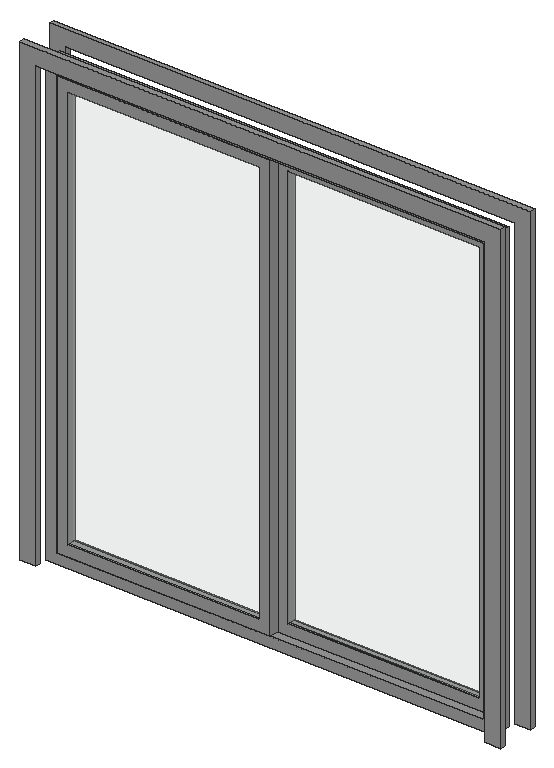
Revit family "Family73", category Doors, host Wall, Revit 2018
Family settings
  Host = Wall
  OmniClass Number = 23.30.10.00
  OmniClass Title = Doors
  Always vertical = Yes
  Cut with Voids When Loaded = No
  Shared = No
  Room Calculation Point = No
Parameters
  Visual Light Transmittance = 0
  URL = "www.skywardwindows.co.za"
  Thermal Resistance (R) = 0.2429 (m²·K)/W
  Telephone = "021 276 1800"
  Solar Heat Gain Coefficient = 0
  Slide Door Thickness = 42 mm
  Manufacturer = "Skyward Windows"
  Heat Transfer Coefficient (U) = 4.1165 W/(m²·K)
  Glass Thickness = 4 mm
  Glass = Glass
  Function = Interior
  Frame Projection Ext. = 25 mm
  Frame Projection Int. = 25 mm
  Frame Width = 75 mm
  Height = 2090 mm
  Wall Closure = By host
  Width = 2090 mm
  Email Address = "info@skywardwindows.co.za"
  Door Thickness = 84 mm
  Door Frame = white
  Company Address = "Charles Matthews Street Atlantis 7349"
  Analytic Construction = "Metal frame, double glass door"
Reference planes
  plane 1: y = 0
  plane 2 "Center (Left/Right)": x = 0
  plane 3 "Left": x = -1045
  plane 4 "Right": x = 1045
  plane 5: z = 2090
  plane 6 "Exterior": y = 75
  plane 7 "Interior": y = -75
Forms (mm)
  Extrusion 1, solid, material "white" <- "Door Frame"
    sketch origin (-3050, -75, 0) x (1, 0, 0) y (0, 0, 1)
      loop
        line (1930, 0) -> (2005, 0) -> (2005, 2090) -> (4095, 2090) -> (4095, 0) -> (4170, 0) -> (4170, 2165) -> (1930, 2165) -> (1930, 0)
    from 0 to 25
  Extrusion 2, solid, material "white" <- "Door Frame"
    sketch origin (-3050, 75, 0) x (-1, 0, 0) y (0, 0, 1)
      loop
        line (-2005, 0) -> (-1930, 0) -> (-1930, 2165) -> (-4170, 2165) -> (-4170, 0) -> (-4095, 0) -> (-4095, 2090) -> (-2005, 2090) -> (-2005, 0)
    from 0 to 25
  Extrusion 3, solid, material "white"
    sketch origin (0, -75, 0) x (1, 0, 0) y (0, 0, 1)
      loop
        line (-1045, 2090) -> (-1045, 0) -> (1045, 0) -> (1045, 2090) -> (-1045, 2090)
      loop
        line (-995, 2040) -> (-995, 50) -> (995, 50) -> (995, 2040) -> (-995, 2040)
    from -117 to -33
  Extrusion 4, solid, material "white" <- "Door Frame"
    sketch origin (0, -75, 0) x (1, 0, 0) y (0, 0, 1)
      loop
        line (-995, 2040) -> (-995, 50) -> (0, 50) -> (0, 2040) -> (-995, 2040)
      loop
        line (-945, 100) -> (-50, 100) -> (-50, 1990) -> (-945, 1990) -> (-945, 100)
    from -75 to -33
  Extrusion 5, solid, material "white" <- "Door Frame"
    sketch origin (875, -33, 0) x (1, 0, 0) y (0, 0, 1)
      loop
        line (-875, 2040) -> (-875, 50) -> (120, 50) -> (120, 2040) -> (-875, 2040)
      loop
        line (-825, 100) -> (70, 100) -> (70, 1990) -> (-825, 1990) -> (-825, 100)
    from -75 to -33
  Extrusion 6, solid, material "Glass" <- "Glass"
    sketch origin (0, 0, 0) x (1, 0, 0) y (0, 1, 0)
      loop
        line (-945, -31) -> (-945, -35) -> (-50, -35) -> (-50, -31) -> (-945, -31)
      loop
        line (-50, -7) -> (-945, -7) -> (-945, -11) -> (-50, -11) -> (-50, -7)
      loop
        line (50, 11) -> (50, 7) -> (945, 7) -> (945, 11) -> (50, 11)
      loop
        line (945, 31) -> (945, 35) -> (50, 35) -> (50, 31) -> (945, 31)
    from 100 to 1990
Lines and regions (mm)
  Opening 1
    outline origin (-3050, -75, 0) x (1, 0, 0) y (0, 0, 1)
      loop
        line (2005, 0) -> (4095, 0) -> (4095, 2090) -> (2005, 2090) -> (2005, 0)
  symbolic lines, style "Elevation Swing"
    curve 1: line (1045, -75, 1045) -> (-1045, -75, 2090)
    curve 2: line (1045, -75, 1045) -> (-1045, -75, 0)
Text (mm)
  text "Exterior" at (-2295.016, 1099.543, 0), in view "Ref. Level"
  text "Exterior" at (0, 1615.38, 3698.081), in view "Left"
  text "Exterior" at (0, 1036.032, 3874.932), in view "Right"
Dimensions and locks
  equal spacing: plane 3 "Left", plane 2 "Center (Left/Right)", plane 4 "Right"
  "Width": plane 3 "Left" to plane 4 "Right"
  "Height": plane 5 to host wall
  equal spacing: host wall, curve 2, plane 5
  host wall to plane 5 = 2090 mm
  "Frame Projection Ext.": Extrusion 2 to Extrusion 2
  "Frame Projection Int.": Extrusion 1 to Extrusion 1
  "Frame Width": plane 3 "Left" to Extrusion 1 sketch curve
  "Frame Width": plane 4 "Right" to Extrusion 1 sketch curve
  "Frame Width": Extrusion 1 sketch curve to plane 5
  "Frame Width": plane 4 "Right" to Extrusion 2 sketch curve
  "Frame Width": plane 3 "Left" to Extrusion 2 sketch curve
  "Frame Width": plane 5 to Extrusion 2 sketch curve
  locked: plane 6 "Exterior" to host wall at 0
  locked: plane 7 "Interior" to host wall
  "Door Thickness": Extrusion 3 to Extrusion 3
  "Glass Thickness": Extrusion 6 to Extrusion 6
  "Slide Door Thickness": Extrusion 4 to Extrusion 4
  aligned and locked: plane 3 "Left" to Opening 1 sketch curve
  aligned and locked: plane 5 to Opening 1 sketch curve  (x2)
  aligned and locked: Opening 1 sketch curve to plane 4 "Right"
  aligned and locked: Opening 1 sketch curve to level
  aligned and locked: level to Extrusion 1 sketch curve
  aligned and locked: plane 5 to Extrusion 1 sketch curve  (x2)
  aligned and locked: Extrusion 1 sketch curve to plane 4 "Right"
  aligned and locked: plane 3 "Left" to Extrusion 1 sketch curve
  aligned and locked: plane 3 "Left" to Extrusion 2 sketch curve
  aligned and locked: plane 5 to Extrusion 2 sketch curve  (x2)
  aligned and locked: level to Extrusion 2 sketch curve
  aligned and locked: plane 5 to curve 1
  aligned and locked: plane 3 "Left" to curve 2
  aligned and locked: plane 1 to host wall
  aligned and locked: plane 3 "Left" to curve 1
  aligned and locked: Extrusion 4 to Extrusion 3  (x2)
  aligned and locked: Extrusion 5 to Extrusion 3  (x2)
  aligned and locked: Extrusion 5 to plane 2 "Center (Left/Right)"
  aligned and locked: Extrusion 3 to Extrusion 5
  aligned and locked: host wall to Extrusion 5
  aligned and locked: Extrusion 4 to host wall
  aligned and locked: Extrusion 3 to Extrusion 4
Automatic sketch dimensions
  curve 2 to level = 0 mm
  plane 4 "Right" to curve 2 = 0 mm
  Extrusion 1 sketch curve to level = 0 mm
  plane 4 "Right" to Extrusion 2 sketch curve = 0 mm
  Extrusion 2 sketch curve to level = 0 mm
  Extrusion 3 sketch curve to level = 0 mm
  plane 3 "Left" to Extrusion 3 sketch curve = 0 mm
  plane 4 "Right" to Extrusion 3 sketch curve = 0 mm
  Extrusion 3 sketch curve to plane 5 = 0 mm
  Extrusion 3 sketch curve to plane 3 "Left" = 50 mm
  plane 4 "Right" to Extrusion 3 sketch curve = 50 mm
  level to Extrusion 3 sketch curve = 50 mm
  plane 5 to Extrusion 3 sketch curve = 50 mm
  Extrusion 4 sketch curve to plane 3 "Left" = 50 mm
  Extrusion 4 sketch curve to Extrusion 4 sketch curve = 50 mm  (x2)
  Extrusion 4 sketch curve to plane 2 "Center (Left/Right)" = 50 mm
  Extrusion 4 sketch curve to plane 2 "Center (Left/Right)" = 0 mm
  level to Extrusion 4 sketch curve = 50 mm
  plane 5 to Extrusion 4 sketch curve = 100 mm
  plane 5 to Extrusion 4 sketch curve = 50 mm
  plane 2 "Center (Left/Right)" to Extrusion 5 sketch curve = 0 mm
  Extrusion 5 sketch curve to Extrusion 5 sketch curve = 50 mm  (x2)
  plane 4 "Right" to Extrusion 5 sketch curve = 100 mm
  plane 4 "Right" to Extrusion 5 sketch curve = 50 mm
  level to Extrusion 5 sketch curve = 50 mm
  plane 5 to Extrusion 5 sketch curve = 100 mm
  plane 5 to Extrusion 5 sketch curve = 50 mm
  host wall to Extrusion 6 sketch curve = 31 mm
  Extrusion 6 sketch curve to plane 3 "Left" = 100 mm
  host wall to Extrusion 6 sketch curve = 7 mm
  Extrusion 6 sketch curve to Extrusion 6 sketch curve = 0 mm  (x4)
  Extrusion 6 sketch curve to plane 2 "Center (Left/Right)" = 50 mm
  Extrusion 6 sketch curve to host wall = 11 mm
  plane 2 "Center (Left/Right)" to Extrusion 6 sketch curve = 50 mm
  Extrusion 6 sketch curve to host wall = 31 mm
  plane 4 "Right" to Extrusion 6 sketch curve = 100 mm
  Extrusion 6 sketch curve to Extrusion 6 sketch curve = 4 mm  (x4)
